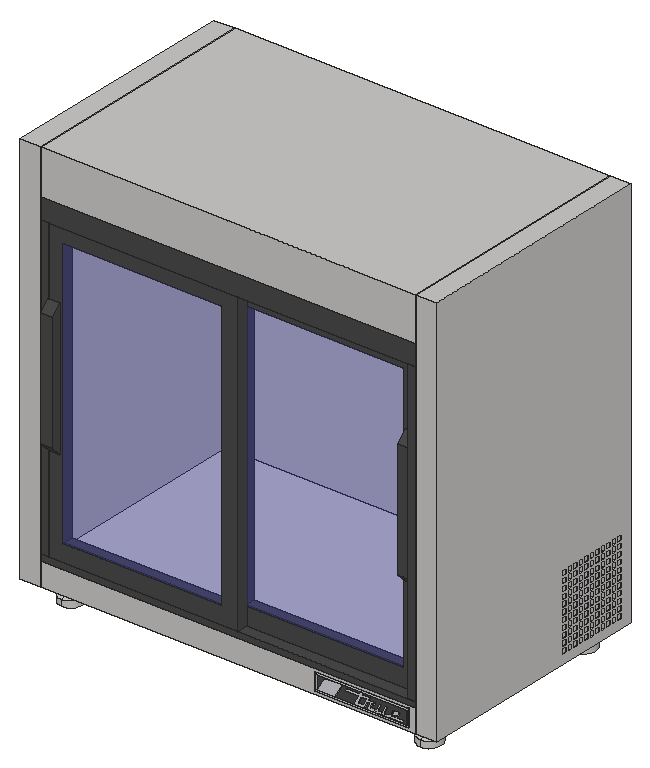
Revit family "QF_TRUE_TSD-09G-HC-LD_cat", category Specialty Equipment, Revit 2016
Family settings
  Part Type = Normal
  Round Connector Dimension = Use Diameter
  Work Plane-Based = No
  Always vertical = Yes
  Cut with Voids When Loaded = No
  Shared = No
  Room Calculation Point = No
Parameters
  Weight in Pounds = 280
  Watts = if(Phase = 3, Volts * FL Amps * 1.73, Volts * FL Amps)  # 218.5 W
  Volts = 115 V
  URL Cutsheet = ""
  Specification by User = ""
  Specification by Manufacturer = ""
  Show Logo [instance] = yes
  Serial Number = ""
  Seismic Rating = ""
  SMACNA No = ""
  Revision Code = ""
  Phase = 1
  Number of Poles = 1
  NAFEM Spec ID Number = ""
  Model = "TSD-09G-HC-LD"
  Min Ckt Ampacity = 0 A
  Max Overcurrent Protection = 0 A
  Masterspec = ""
  Manufacturer = "TRUE"
  Length = 35 31/32"
  Item Number = ""
  Installed By = ""
  Identify Quantity as Lot = yes
  Height = 35 7/8"
  HP = ""
  Furnished By = ""
  Foodservice Equipment Identifier = yes
  FL Amps = 1.9 A
  Electrical Remarks = ""
  Electric Connection Type = ""
  Elec Conn RI Height = 0"
  Elec Conn Connection Height = 0"
  Description = "REACH-IN GLASS SLIDE DOOR REFRIGERATOR WITH HYDROCARBON REFRIGERANT & LED LIGHTING"
  Depth = 22 3/16"
  Cycle = 60 Hz
  Conn Plug = "NEMA 5-15P"
  Conn Conduit = yes
  CSI MasterFormat = ""
  Apparent Power = if(Phase = 3, Volts * FL Amps * 1.73, Volts * FL Amps)  # 218.5 VA
Reference planes (in)
  plane 1 "BACK": y = 0
  plane 2: z = 0
  plane 3 "LEFT": x = 0
  plane 4 "RIGHT": x = 35.96875
  plane 5 "FRONT": y = -22.1875
  plane 6 "TOP": z = 35.875
  plane 7 "Center Y": x = 17.98438
  plane 8 "Center X": y = -11.09375
  plane 9: z = 1.1875
  plane 10: y = -21.375
  plane 11: y = -0.4375
  plane 12: y = -2.31265
Forms (in)
  Extrusion 1, solid, material "QF_Metal - Stainless - Polished"
    sketch origin (-2.96795, -0.4375, 48) x (-1, 0, 0) y (0, 0, -1)
      loop
        line (-2.96795, 12.125) -> (-2.96795, 46.125) -> (-4.71795, 46.125) -> (-4.71795, 12.125) -> (-2.96795, 12.125)
      loop
        line (-38.9367, 12.125) -> (-37.1867, 12.125) -> (-37.1867, 46.125) -> (-38.9367, 46.125) -> (-38.9367, 12.125)
    from 0 to 20.9375
  Extrusion 2, solid, material "QF_Metal - Stainless - Polished"
    sketch origin (-2.96795, -0.4375, 48) x (-1, 0, 0) y (0, 0, -1)
      loop
        line (-4.71795, 44.125) -> (-4.71795, 46.125) -> (-37.1867, 46.125) -> (-37.1867, 44.125) -> (-4.71795, 44.125)
      loop
        line (-4.71795, 12.125) -> (-4.71795, 15.97838) -> (-37.1867, 15.97838) -> (-37.1867, 12.125) -> (-4.71795, 12.125)
    from 0 to 20.9375
  Extrusion 3, solid, material "QF_Plastic - Black - Coarse Textured"
    sketch origin (-2.96795, -21.375, 48) x (-1, 0, 0) y (0, 0, -1)
      loop
        line (-4.71795, 15.97838) -> (-4.71795, 17.72838) -> (-37.1867, 17.72838) -> (-37.1867, 15.97838) -> (-4.71795, 15.97838)
    from 0 to -2
  Extrusion 4, solid, material "QF_Metal - Stainless - Polished"
    sketch origin (-2.96795, -0.4375, 48) x (1, 0, 0) y (0, 0, -1)
      loop
        line (37.1867, 15.97838) -> (37.1867, 44.125) -> (4.71795, 44.125) -> (4.71795, 15.97838) -> (37.1867, 15.97838)
    from 0 to -1
  Extrusion 5, solid, material "QF_Plastic - Black - Coarse Textured"
    sketch origin (-2.96795, -21.375, 48) x (-1, 0, 0) y (0, 0, -1)
      loop
        line (-4.71795, 15.97838) -> (-4.71795, 17.72838) -> (-37.1867, 17.72838) -> (-37.1867, 15.97838) -> (-4.71795, 15.97838)
      loop
        line (-4.71795, 44.125) -> (-37.1867, 44.125) -> (-37.1867, 43.625) -> (-4.71795, 43.625) -> (-4.71795, 44.125)
    from 0 to -2
  Extrusion 6, solid, material "QF_Plastic - Black - Coarse Textured"
    sketch origin (-2.96795, -21.375, 48) x (-1, 0, 0) y (0, 0, -1)
      loop
        line (-36.47632, 43.625) -> (-37.1867, 43.625) -> (-37.1867, 17.72838) -> (-36.47632, 17.72838) -> (-36.47632, 43.625)
      loop
        line (-5.42834, 43.625) -> (-5.42834, 17.72838) -> (-4.71795, 17.72838) -> (-4.71795, 43.625) -> (-5.42834, 43.625)
    from 0 to -0.25
  Extrusion 7, solid, material "QF_Plastic - Black - Coarse Textured"
    sketch origin (-2.96795, -21.375, 48) x (-1, 0, 0) y (0, 0, -1)
      loop
        line (-5.42834, 17.72838) -> (-5.42834, 43.625) -> (-21.75499, 43.625) -> (-21.75499, 17.72838) -> (-5.42834, 17.72838)
      loop
        line (-6.60974, 18.88557) -> (-6.60974, 42.13557) -> (-20.35974, 42.13557) -> (-20.35974, 18.88557) -> (-6.60974, 18.88557)
    from 0 to -1
  Extrusion 8, solid, material "QF_Plastic - Black - Coarse Textured"
    sketch origin (-2.96795, -20.375, 48) x (1, 0, 0) y (0, 0, -1)
      loop
        line (36.47632, 17.72838) -> (36.47632, 43.625) -> (20.14966, 43.625) -> (20.14966, 17.72838) -> (36.47632, 17.72838)
      loop
        line (35.29492, 18.88557) -> (35.29492, 42.13557) -> (21.54492, 42.13557) -> (21.54492, 18.88557) -> (35.29492, 18.88557)
    from 0 to 1
  Extrusion 9, solid, material "Glass"
    sketch origin (-2.96795, -21.375, 48) x (-1, 0, 0) y (0, 0, -1)
      loop
        line (-6.60974, 42.13557) -> (-20.35974, 42.13557) -> (-20.35974, 18.88557) -> (-6.60974, 18.88557) -> (-6.60974, 42.13557)
    from 0 to -0.125
  Extrusion 10, solid, material "Glass"
    sketch origin (-2.96795, -20.375, 48) x (-1, 0, 0) y (0, 0, -1)
      loop
        line (-35.29492, 18.88557) -> (-21.54492, 18.88557) -> (-21.54492, 42.13557) -> (-35.29492, 42.13557) -> (-35.29492, 18.88557)
    from 0 to -0.125
  Extrusion 11, solid, material "QF_Metal - Stainless - Polished"
    sketch origin (-2.96795, -0.4375, 48) x (-1, 0, 0) y (0, 0, -1)
      loop
        line (-38.0617, 46.125) -> (-3.84295, 46.125) -> (-3.84295, 46.8125) -> (-38.0617, 46.8125) -> (-38.0617, 46.125)
    from 0 to 8.46816
  Extrusion 12, solid, material "QF_Metal - Stainless - Polished"
    sketch origin (0, 0, 0) x (0, 1, 0) y (0, 0, 1)
      loop
        line (0, 1.1875) -> (0, 14.8031) -> (-0.4375, 14.8031) -> (-0.4375, 1.1875) -> (0, 1.1875)
    from 0.96875 to 35
  Extrusion 13, solid, material "QF_Plastic - Black - Coarse Textured"
    sketch origin (2.46038, -21.375, 30.02162) x (0, 0, 1) y (0, 1, 0)
      loop
        line (-6.40719, -0.8125) -> (-5.59469, 0) -> (-17.34469, 0) -> (-16.53219, -0.8125) -> (-6.40719, -0.8125)
    from 0 to -1
  Extrusion 14, void
    sketch origin (35.96875, -0.4375, 33.875) x (0, 0, -1) y (0, -1, 0)
      loop
        line (24.69818, 7.41068) -> (24.69818, 6.91068) -> (25.19818, 6.91068) -> (25.19818, 7.41068) -> (24.69818, 7.41068)
      loop
        line (24.69818, 6.81533) -> (24.69818, 6.31533) -> (25.19818, 6.31533) -> (25.19818, 6.81533) -> (24.69818, 6.81533)
      loop
        line (24.69818, 6.21998) -> (24.69818, 5.71998) -> (25.19818, 5.71998) -> (25.19818, 6.21998) -> (24.69818, 6.21998)
      loop
        line (24.69818, 5.62463) -> (24.69818, 5.12463) -> (25.19818, 5.12463) -> (25.19818, 5.62463) -> (24.69818, 5.62463)
      loop
        line (24.69818, 5.02927) -> (24.69818, 4.52927) -> (25.19818, 4.52927) -> (25.19818, 5.02927) -> (24.69818, 5.02927)
      loop
        line (24.69818, 4.43392) -> (24.69818, 3.93392) -> (25.19818, 3.93392) -> (25.19818, 4.43392) -> (24.69818, 4.43392)
      loop
        line (24.69818, 3.83857) -> (24.69818, 3.33857) -> (25.19818, 3.33857) -> (25.19818, 3.83857) -> (24.69818, 3.83857)
      loop
        line (24.69818, 3.24322) -> (24.69818, 2.74322) -> (25.19818, 2.74322) -> (25.19818, 3.24322) -> (24.69818, 3.24322)
      loop
        line (24.69818, 2.64786) -> (24.69818, 2.14786) -> (25.19818, 2.14786) -> (25.19818, 2.64786) -> (24.69818, 2.64786)
      loop
        line (24.69818, 2.05251) -> (24.69818, 1.55251) -> (25.19818, 1.55251) -> (25.19818, 2.05251) -> (24.69818, 2.05251)
      loop
        line (24.69818, 1.45716) -> (24.69818, 0.95716) -> (25.19818, 0.95716) -> (25.19818, 1.45716) -> (24.69818, 1.45716)
      loop
        line (25.29957, 7.41068) -> (25.29957, 6.91068) -> (25.79957, 6.91068) -> (25.79957, 7.41068) -> (25.29957, 7.41068)
      loop
        line (25.29957, 6.81533) -> (25.29957, 6.31533) -> (25.79957, 6.31533) -> (25.79957, 6.81533) -> (25.29957, 6.81533)
      loop
        line (25.29957, 6.21998) -> (25.29957, 5.71998) -> (25.79957, 5.71998) -> (25.79957, 6.21998) -> (25.29957, 6.21998)
      loop
        line (25.29957, 5.62463) -> (25.29957, 5.12463) -> (25.79957, 5.12463) -> (25.79957, 5.62463) -> (25.29957, 5.62463)
      loop
        line (25.29957, 5.02927) -> (25.29957, 4.52927) -> (25.79957, 4.52927) -> (25.79957, 5.02927) -> (25.29957, 5.02927)
      loop
        line (25.29957, 4.43392) -> (25.29957, 3.93392) -> (25.79957, 3.93392) -> (25.79957, 4.43392) -> (25.29957, 4.43392)
      loop
        line (25.29957, 3.83857) -> (25.29957, 3.33857) -> (25.79957, 3.33857) -> (25.79957, 3.83857) -> (25.29957, 3.83857)
      loop
        line (25.29957, 3.24322) -> (25.29957, 2.74322) -> (25.79957, 2.74322) -> (25.79957, 3.24322) -> (25.29957, 3.24322)
      loop
        line (25.29957, 2.64786) -> (25.29957, 2.14786) -> (25.79957, 2.14786) -> (25.79957, 2.64786) -> (25.29957, 2.64786)
      loop
        line (25.29957, 2.05251) -> (25.29957, 1.55251) -> (25.79957, 1.55251) -> (25.79957, 2.05251) -> (25.29957, 2.05251)
      loop
        line (25.29957, 1.45716) -> (25.29957, 0.95716) -> (25.79957, 0.95716) -> (25.79957, 1.45716) -> (25.29957, 1.45716)
      loop
        line (25.93752, 7.41068) -> (25.93752, 6.91068) -> (26.43752, 6.91068) -> (26.43752, 7.41068) -> (25.93752, 7.41068)
      loop
        line (25.93752, 6.81533) -> (25.93752, 6.31533) -> (26.43752, 6.31533) -> (26.43752, 6.81533) -> (25.93752, 6.81533)
      loop
        line (25.93752, 6.21998) -> (25.93752, 5.71998) -> (26.43752, 5.71998) -> (26.43752, 6.21998) -> (25.93752, 6.21998)
      loop
        line (25.93752, 5.62463) -> (25.93752, 5.12463) -> (26.43752, 5.12463) -> (26.43752, 5.62463) -> (25.93752, 5.62463)
      loop
        line (25.93752, 5.02927) -> (25.93752, 4.52927) -> (26.43752, 4.52927) -> (26.43752, 5.02927) -> (25.93752, 5.02927)
      loop
        line (25.93752, 4.43392) -> (25.93752, 3.93392) -> (26.43752, 3.93392) -> (26.43752, 4.43392) -> (25.93752, 4.43392)
      loop
        line (25.93752, 3.83857) -> (25.93752, 3.33857) -> (26.43752, 3.33857) -> (26.43752, 3.83857) -> (25.93752, 3.83857)
      loop
        line (25.93752, 3.24322) -> (25.93752, 2.74322) -> (26.43752, 2.74322) -> (26.43752, 3.24322) -> (25.93752, 3.24322)
      loop
        line (25.93752, 2.64786) -> (25.93752, 2.14786) -> (26.43752, 2.14786) -> (26.43752, 2.64786) -> (25.93752, 2.64786)
      loop
        line (25.93752, 2.05251) -> (25.93752, 1.55251) -> (26.43752, 1.55251) -> (26.43752, 2.05251) -> (25.93752, 2.05251)
      loop
        line (25.93752, 1.45716) -> (25.93752, 0.95716) -> (26.43752, 0.95716) -> (26.43752, 1.45716) -> (25.93752, 1.45716)
      loop
        line (26.53891, 7.41068) -> (26.53891, 6.91068) -> (27.03891, 6.91068) -> (27.03891, 7.41068) -> (26.53891, 7.41068)
      loop
        line (26.53891, 6.81533) -> (26.53891, 6.31533) -> (27.03891, 6.31533) -> (27.03891, 6.81533) -> (26.53891, 6.81533)
      loop
        line (26.53891, 6.21998) -> (26.53891, 5.71998) -> (27.03891, 5.71998) -> (27.03891, 6.21998) -> (26.53891, 6.21998)
      loop
        line (26.53891, 5.62463) -> (26.53891, 5.12463) -> (27.03891, 5.12463) -> (27.03891, 5.62463) -> (26.53891, 5.62463)
      loop
        line (26.53891, 5.02927) -> (26.53891, 4.52927) -> (27.03891, 4.52927) -> (27.03891, 5.02927) -> (26.53891, 5.02927)
      loop
        line (26.53891, 4.43392) -> (26.53891, 3.93392) -> (27.03891, 3.93392) -> (27.03891, 4.43392) -> (26.53891, 4.43392)
      loop
        line (26.53891, 3.83857) -> (26.53891, 3.33857) -> (27.03891, 3.33857) -> (27.03891, 3.83857) -> (26.53891, 3.83857)
      loop
        line (26.53891, 3.24322) -> (26.53891, 2.74322) -> (27.03891, 2.74322) -> (27.03891, 3.24322) -> (26.53891, 3.24322)
      loop
        line (26.53891, 2.64786) -> (26.53891, 2.14786) -> (27.03891, 2.14786) -> (27.03891, 2.64786) -> (26.53891, 2.64786)
      loop
        line (26.53891, 2.05251) -> (26.53891, 1.55251) -> (27.03891, 1.55251) -> (27.03891, 2.05251) -> (26.53891, 2.05251)
      loop
        line (26.53891, 1.45716) -> (26.53891, 0.95716) -> (27.03891, 0.95716) -> (27.03891, 1.45716) -> (26.53891, 1.45716)
      loop
        line (27.1403, 7.41068) -> (27.1403, 6.91068) -> (27.6403, 6.91068) -> (27.6403, 7.41068) -> (27.1403, 7.41068)
      loop
        line (27.1403, 6.81533) -> (27.1403, 6.31533) -> (27.6403, 6.31533) -> (27.6403, 6.81533) -> (27.1403, 6.81533)
      loop
        line (27.1403, 6.21998) -> (27.1403, 5.71998) -> (27.6403, 5.71998) -> (27.6403, 6.21998) -> (27.1403, 6.21998)
      loop
        line (27.1403, 5.62463) -> (27.1403, 5.12463) -> (27.6403, 5.12463) -> (27.6403, 5.62463) -> (27.1403, 5.62463)
      loop
        line (27.1403, 5.02927) -> (27.1403, 4.52927) -> (27.6403, 4.52927) -> (27.6403, 5.02927) -> (27.1403, 5.02927)
      loop
        line (27.1403, 4.43392) -> (27.1403, 3.93392) -> (27.6403, 3.93392) -> (27.6403, 4.43392) -> (27.1403, 4.43392)
      loop
        line (27.1403, 3.83857) -> (27.1403, 3.33857) -> (27.6403, 3.33857) -> (27.6403, 3.83857) -> (27.1403, 3.83857)
      loop
        line (27.1403, 3.24322) -> (27.1403, 2.74322) -> (27.6403, 2.74322) -> (27.6403, 3.24322) -> (27.1403, 3.24322)
      loop
        line (27.1403, 2.64786) -> (27.1403, 2.14786) -> (27.6403, 2.14786) -> (27.6403, 2.64786) -> (27.1403, 2.64786)
      loop
        line (27.1403, 2.05251) -> (27.1403, 1.55251) -> (27.6403, 1.55251) -> (27.6403, 2.05251) -> (27.1403, 2.05251)
      loop
        line (27.1403, 1.45716) -> (27.1403, 0.95716) -> (27.6403, 0.95716) -> (27.6403, 1.45716) -> (27.1403, 1.45716)
      loop
        line (27.7417, 7.41068) -> (27.7417, 6.91068) -> (28.2417, 6.91068) -> (28.2417, 7.41068) -> (27.7417, 7.41068)
      loop
        line (27.7417, 6.81533) -> (27.7417, 6.31533) -> (28.2417, 6.31533) -> (28.2417, 6.81533) -> (27.7417, 6.81533)
      loop
        line (27.7417, 6.21998) -> (27.7417, 5.71998) -> (28.2417, 5.71998) -> (28.2417, 6.21998) -> (27.7417, 6.21998)
      loop
        line (27.7417, 5.62463) -> (27.7417, 5.12463) -> (28.2417, 5.12463) -> (28.2417, 5.62463) -> (27.7417, 5.62463)
      loop
        line (27.7417, 5.02927) -> (27.7417, 4.52927) -> (28.2417, 4.52927) -> (28.2417, 5.02927) -> (27.7417, 5.02927)
      loop
        line (27.7417, 4.43392) -> (27.7417, 3.93392) -> (28.2417, 3.93392) -> (28.2417, 4.43392) -> (27.7417, 4.43392)
      loop
        line (27.7417, 3.83857) -> (27.7417, 3.33857) -> (28.2417, 3.33857) -> (28.2417, 3.83857) -> (27.7417, 3.83857)
      loop
        line (27.7417, 3.24322) -> (27.7417, 2.74322) -> (28.2417, 2.74322) -> (28.2417, 3.24322) -> (27.7417, 3.24322)
      loop
        line (27.7417, 2.64786) -> (27.7417, 2.14786) -> (28.2417, 2.14786) -> (28.2417, 2.64786) -> (27.7417, 2.64786)
      loop
        line (27.7417, 2.05251) -> (27.7417, 1.55251) -> (28.2417, 1.55251) -> (28.2417, 2.05251) -> (27.7417, 2.05251)
      loop
        line (27.7417, 1.45716) -> (27.7417, 0.95716) -> (28.2417, 0.95716) -> (28.2417, 1.45716) -> (27.7417, 1.45716)
      loop
        line (28.34309, 7.41068) -> (28.34309, 6.91068) -> (28.84309, 6.91068) -> (28.84309, 7.41068) -> (28.34309, 7.41068)
      loop
        line (28.34309, 6.81533) -> (28.34309, 6.31533) -> (28.84309, 6.31533) -> (28.84309, 6.81533) -> (28.34309, 6.81533)
      loop
        line (28.34309, 6.21998) -> (28.34309, 5.71998) -> (28.84309, 5.71998) -> (28.84309, 6.21998) -> (28.34309, 6.21998)
      loop
        line (28.34309, 5.62463) -> (28.34309, 5.12463) -> (28.84309, 5.12463) -> (28.84309, 5.62463) -> (28.34309, 5.62463)
      loop
        line (28.34309, 5.02927) -> (28.34309, 4.52927) -> (28.84309, 4.52927) -> (28.84309, 5.02927) -> (28.34309, 5.02927)
      loop
        line (28.34309, 4.43392) -> (28.34309, 3.93392) -> (28.84309, 3.93392) -> (28.84309, 4.43392) -> (28.34309, 4.43392)
      loop
        line (28.34309, 3.83857) -> (28.34309, 3.33857) -> (28.84309, 3.33857) -> (28.84309, 3.83857) -> (28.34309, 3.83857)
      loop
        line (28.34309, 3.24322) -> (28.34309, 2.74322) -> (28.84309, 2.74322) -> (28.84309, 3.24322) -> (28.34309, 3.24322)
      loop
        line (28.34309, 2.64786) -> (28.34309, 2.14786) -> (28.84309, 2.14786) -> (28.84309, 2.64786) -> (28.34309, 2.64786)
      loop
        line (28.34309, 2.05251) -> (28.34309, 1.55251) -> (28.84309, 1.55251) -> (28.84309, 2.05251) -> (28.34309, 2.05251)
      loop
        line (28.34309, 1.45716) -> (28.34309, 0.95716) -> (28.84309, 0.95716) -> (28.84309, 1.45716) -> (28.34309, 1.45716)
      loop
        line (28.94448, 7.41068) -> (28.94448, 6.91068) -> (29.44448, 6.91068) -> (29.44448, 7.41068) -> (28.94448, 7.41068)
      loop
        line (28.94448, 6.81533) -> (28.94448, 6.31533) -> (29.44448, 6.31533) -> (29.44448, 6.81533) -> (28.94448, 6.81533)
      loop
        line (28.94448, 6.21998) -> (28.94448, 5.71998) -> (29.44448, 5.71998) -> (29.44448, 6.21998) -> (28.94448, 6.21998)
      loop
        line (28.94448, 5.62463) -> (28.94448, 5.12463) -> (29.44448, 5.12463) -> (29.44448, 5.62463) -> (28.94448, 5.62463)
      loop
        line (28.94448, 5.02927) -> (28.94448, 4.52927) -> (29.44448, 4.52927) -> (29.44448, 5.02927) -> (28.94448, 5.02927)
      loop
        line (28.94448, 4.43392) -> (28.94448, 3.93392) -> (29.44448, 3.93392) -> (29.44448, 4.43392) -> (28.94448, 4.43392)
      loop
        line (28.94448, 3.83857) -> (28.94448, 3.33857) -> (29.44448, 3.33857) -> (29.44448, 3.83857) -> (28.94448, 3.83857)
      loop
        line (28.94448, 3.24322) -> (28.94448, 2.74322) -> (29.44448, 2.74322) -> (29.44448, 3.24322) -> (28.94448, 3.24322)
      loop
        line (28.94448, 2.64786) -> (28.94448, 2.14786) -> (29.44448, 2.14786) -> (29.44448, 2.64786) -> (28.94448, 2.64786)
      loop
        line (28.94448, 2.05251) -> (28.94448, 1.55251) -> (29.44448, 1.55251) -> (29.44448, 2.05251) -> (28.94448, 2.05251)
      loop
        line (28.94448, 1.45716) -> (28.94448, 0.95716) -> (29.44448, 0.95716) -> (29.44448, 1.45716) -> (28.94448, 1.45716)
      loop
        line (29.54588, 7.41068) -> (29.54588, 6.91068) -> (30.04588, 6.91068) -> (30.04588, 7.41068) -> (29.54588, 7.41068)
      loop
        line (29.54588, 6.81533) -> (29.54588, 6.31533) -> (30.04588, 6.31533) -> (30.04588, 6.81533) -> (29.54588, 6.81533)
      loop
        line (29.54588, 6.21998) -> (29.54588, 5.71998) -> (30.04588, 5.71998) -> (30.04588, 6.21998) -> (29.54588, 6.21998)
      loop
        line (29.54588, 5.62463) -> (29.54588, 5.12463) -> (30.04588, 5.12463) -> (30.04588, 5.62463) -> (29.54588, 5.62463)
      loop
        line (29.54588, 5.02927) -> (29.54588, 4.52927) -> (30.04588, 4.52927) -> (30.04588, 5.02927) -> (29.54588, 5.02927)
      loop
        line (29.54588, 4.43392) -> (29.54588, 3.93392) -> (30.04588, 3.93392) -> (30.04588, 4.43392) -> (29.54588, 4.43392)
      loop
        line (29.54588, 3.83857) -> (29.54588, 3.33857) -> (30.04588, 3.33857) -> (30.04588, 3.83857) -> (29.54588, 3.83857)
      loop
        line (29.54588, 3.24322) -> (29.54588, 2.74322) -> (30.04588, 2.74322) -> (30.04588, 3.24322) -> (29.54588, 3.24322)
      loop
        line (29.54588, 2.64786) -> (29.54588, 2.14786) -> (30.04588, 2.14786) -> (30.04588, 2.64786) -> (29.54588, 2.64786)
      loop
        line (29.54588, 2.05251) -> (29.54588, 1.55251) -> (30.04588, 1.55251) -> (30.04588, 2.05251) -> (29.54588, 2.05251)
      loop
        line (29.54588, 1.45716) -> (29.54588, 0.95716) -> (30.04588, 0.95716) -> (30.04588, 1.45716) -> (29.54588, 1.45716)
      loop
        line (30.14727, 7.41068) -> (30.14727, 6.91068) -> (30.64727, 6.91068) -> (30.64727, 7.41068) -> (30.14727, 7.41068)
      loop
        line (30.14727, 6.81533) -> (30.14727, 6.31533) -> (30.64727, 6.31533) -> (30.64727, 6.81533) -> (30.14727, 6.81533)
      loop
        line (30.14727, 6.21998) -> (30.14727, 5.71998) -> (30.64727, 5.71998) -> (30.64727, 6.21998) -> (30.14727, 6.21998)
      loop
        line (30.14727, 5.62463) -> (30.14727, 5.12463) -> (30.64727, 5.12463) -> (30.64727, 5.62463) -> (30.14727, 5.62463)
      loop
        line (30.14727, 5.02927) -> (30.14727, 4.52927) -> (30.64727, 4.52927) -> (30.64727, 5.02927) -> (30.14727, 5.02927)
      loop
        line (30.14727, 4.43392) -> (30.14727, 3.93392) -> (30.64727, 3.93392) -> (30.64727, 4.43392) -> (30.14727, 4.43392)
      loop
        line (30.14727, 3.83857) -> (30.14727, 3.33857) -> (30.64727, 3.33857) -> (30.64727, 3.83857) -> (30.14727, 3.83857)
      loop
        line (30.14727, 3.24322) -> (30.14727, 2.74322) -> (30.64727, 2.74322) -> (30.64727, 3.24322) -> (30.14727, 3.24322)
      loop
        line (30.14727, 2.64786) -> (30.14727, 2.14786) -> (30.64727, 2.14786) -> (30.64727, 2.64786) -> (30.14727, 2.64786)
      loop
        line (30.14727, 2.05251) -> (30.14727, 1.55251) -> (30.64727, 1.55251) -> (30.64727, 2.05251) -> (30.14727, 2.05251)
      loop
        line (30.14727, 1.45716) -> (30.14727, 0.95716) -> (30.64727, 0.95716) -> (30.64727, 1.45716) -> (30.14727, 1.45716)
      loop
        line (30.74866, 7.41068) -> (30.74866, 6.91068) -> (31.24866, 6.91068) -> (31.24866, 7.41068) -> (30.74866, 7.41068)
      loop
        line (30.74866, 6.81533) -> (30.74866, 6.31533) -> (31.24866, 6.31533) -> (31.24866, 6.81533) -> (30.74866, 6.81533)
      loop
        line (30.74866, 6.21998) -> (30.74866, 5.71998) -> (31.24866, 5.71998) -> (31.24866, 6.21998) -> (30.74866, 6.21998)
      loop
        line (30.74866, 5.62463) -> (30.74866, 5.12463) -> (31.24866, 5.12463) -> (31.24866, 5.62463) -> (30.74866, 5.62463)
      loop
        line (30.74866, 5.02927) -> (30.74866, 4.52927) -> (31.24866, 4.52927) -> (31.24866, 5.02927) -> (30.74866, 5.02927)
      loop
        line (30.74866, 4.43392) -> (30.74866, 3.93392) -> (31.24866, 3.93392) -> (31.24866, 4.43392) -> (30.74866, 4.43392)
      loop
        line (30.74866, 3.83857) -> (30.74866, 3.33857) -> (31.24866, 3.33857) -> (31.24866, 3.83857) -> (30.74866, 3.83857)
      loop
        line (30.74866, 3.24322) -> (30.74866, 2.74322) -> (31.24866, 2.74322) -> (31.24866, 3.24322) -> (30.74866, 3.24322)
      loop
        line (30.74866, 2.64786) -> (30.74866, 2.14786) -> (31.24866, 2.14786) -> (31.24866, 2.64786) -> (30.74866, 2.64786)
      loop
        line (30.74866, 2.05251) -> (30.74866, 1.55251) -> (31.24866, 1.55251) -> (31.24866, 2.05251) -> (30.74866, 2.05251)
      loop
        line (30.74866, 1.45716) -> (30.74866, 0.95716) -> (31.24866, 0.95716) -> (31.24866, 1.45716) -> (30.74866, 1.45716)
    from 0 to 0.125
  Extrusion 15, solid, material "QF_Metal - Stainless - Polished"
    sketch origin (0, 0, 0) x (0, 1, 0) y (0, 0, 1)
      loop
        line (-20.625, 1.875) -> (-20.625, 1.6875) -> (-20, 1.6875) -> (-20, 1.1875) -> (-18, 1.1875) -> (-18, 1.6875) -> (-17.375, 1.6875) -> (-17.375, 1.875) -> (-20.625, 1.875)
    from 0.875 to 35.09375
  Revolve 16, solid, material "QF_Metal - Stainless - Polished"
    sketch origin (2.5, 0, 0) x (0, 1, 0) y (0, 0, 1)
      loop
        line (-19, 1.1875) -> (-19.25, 1.1875) -> (-19.25, 0.6875)
        arc (-19.25, 0.6875) -> (-19.63404, 0.62989) -> (-20, 0.5) r 2.02404
        line (-20, 0.5) -> (-20, 0) -> (-19, 0) -> (-19, 1.1875)
      axis (-19, 1.1875) -> (-19, 0)
    angle from 0 to 360
  Revolve 17, solid, material "QF_Metal - Stainless - Polished"
    sketch origin (33.46875, 0, 0) x (0, 1, 0) y (0, 0, -1)
      loop
        line (-19, -1.1875) -> (-19, 0) -> (-20, 0) -> (-20, -0.5)
        arc (-20, -0.5) -> (-19.63404, -0.62989) -> (-19.25, -0.6875) r 2.02404
        line (-19.25, -0.6875) -> (-19.25, -1.1875) -> (-19, -1.1875)
      axis (-19, -1.1875) -> (-19, 0)
    angle from 0 to 360
  Revolve 18, solid, material "QF_Metal - Stainless - Polished"
    sketch origin (2.5, 16.68735, 0) x (0, 1, 0) y (0, 0, 1)
      loop
        line (-19, 1.1875) -> (-19.25, 1.1875) -> (-19.25, 0.6875)
        arc (-19.25, 0.6875) -> (-19.63404, 0.62989) -> (-20, 0.5) r 2.02404
        line (-20, 0.5) -> (-20, 0) -> (-19, 0) -> (-19, 1.1875)
      axis (-19, 1.1875) -> (-19, 0)
    angle from 0 to 360
  Revolve 19, solid, material "QF_Metal - Stainless - Polished"
    sketch origin (33.46875, 16.68735, 0) x (0, 1, 0) y (0, 0, -1)
      loop
        line (-19, -1.1875) -> (-19, 0) -> (-20, 0) -> (-20, -0.5)
        arc (-20, -0.5) -> (-19.63404, -0.62989) -> (-19.25, -0.6875) r 2.02404
        line (-19.25, -0.6875) -> (-19.25, -1.1875) -> (-19, -1.1875)
      axis (-19, -1.1875) -> (-19, 0)
    angle from 0 to 360
  Extrusion 20, solid, material "QF_Plastic - Black - Coarse Textured"
    sketch origin (33.50837, -21.375, 30.02162) x (0, 0, 1) y (0, -1, 0)
      loop
        line (-6.40719, -0.1875) -> (-16.53219, -0.1875) -> (-17.34469, -1) -> (-5.59469, -1) -> (-6.40719, -0.1875)
    from 0 to -1
Cuts and joins
  Extrusion 14 cuts Extrusion 1
  Extrusion 14 cuts Extrusion 2
  Extrusion 14 cuts Extrusion 4
Lines and regions (in)
  symbolic lines
    curve 1: line (0, -0.4375, 0) -> (35.96875, -0.4375, 0)
    curve 2: line (0, -21.375, 0) -> (0, -0.4375, 0)
    curve 3: line (35.96875, -21.375, 0) -> (0, -21.375, 0)
    curve 4: line (35.96875, -0.4375, 0) -> (35.96875, -21.375, 0)
    curve 5: line (34.21875, -21.375, 0) -> (34.21875, -0.4375, 0)
    curve 6: line (1.75, -0.4375, 0) -> (1.75, -21.375, 0)
    curve 7: line (35, 0, 0) -> (0.96875, 0, 0)
    curve 8: line (0.96875, 0, 0) -> (0.96875, -0.4375, 0)
    curve 9: line (35, 0, 0) -> (35, -0.4375, 0)
    curve 10: line (3.46038, -22.1875, 0) -> (3.46038, -21.375, 0)
    curve 11: line (3.46038, -22.1875, 0) -> (2.46038, -22.1875, 0)
    curve 12: line (2.46038, -22.1875, 0) -> (2.46038, -21.375, 0)
Dimensions and locks (in)
  equal spacing: plane 3 "LEFT", plane 7 "Center Y", plane 4 "RIGHT"
  "Length": plane 3 "LEFT" to plane 4 "RIGHT"
  equal spacing: plane 5 "FRONT", plane 8 "Center X", plane 1 "BACK"
  "Depth": plane 5 "FRONT" to plane 1 "BACK"
  "Height": plane 6 "TOP" to level
  plane 9 to plane 2 = 1 3/16"
  plane 11 to plane 1 "BACK" = 7/16"
  plane 11 to plane 10 = 20 15/16"
  plane 10 to plane 5 "FRONT" = 13/16"
  aligned and locked: level to plane 2
Automatic sketch dimensions
  plane 4 "RIGHT" to Extrusion 1 sketch curve = 0"
  Extrusion 1 sketch curve to plane 6 "TOP" = 0"  (x2)
  Extrusion 1 sketch curve to plane 3 "LEFT" = 0"
  Extrusion 1 sketch curve to plane 9 = 11/16"  (x2)
  Extrusion 1 sketch curve to Extrusion 1 sketch curve = 1 3/4"
  Extrusion 1 sketch curve to plane 3 "LEFT" = 1 3/4"
  Extrusion 2 sketch curve to plane 6 "TOP" = 0"
  Extrusion 2 sketch curve to plane 4 "RIGHT" = 1 3/4"  (x2)
  Extrusion 2 sketch curve to plane 9 = 11/16"
  Extrusion 2 sketch curve to plane 3 "LEFT" = 1 3/4"  (x2)
  Extrusion 2 sketch curve to Extrusion 2 sketch curve = 2"
  plane 6 "TOP" to Extrusion 2 sketch curve = 3.85338"
  Extrusion 1 to Extrusion 3 sketch curve = 0"
  Extrusion 3 sketch curve to Extrusion 1 = 0"
  Extrusion 1 to Extrusion 3 sketch curve = 5.60338"
  Extrusion 3 sketch curve to Extrusion 3 sketch curve = 1 3/4"
  Extrusion 4 sketch curve to Extrusion 1 = 0"
  Extrusion 1 to Extrusion 4 sketch curve = 0"
  Extrusion 1 to Extrusion 4 sketch curve = 2"
  Extrusion 1 to Extrusion 4 sketch curve = 3.85338"
  Extrusion 1 to Extrusion 5 sketch curve = 0"  (x2)
  Extrusion 5 sketch curve to Extrusion 1 = 0"  (x2)
  Extrusion 1 to Extrusion 5 sketch curve = 2"
  Extrusion 5 sketch curve to Extrusion 5 sketch curve = 1/2"
  Extrusion 1 to Extrusion 5 sketch curve = 5.60338"
  Extrusion 5 sketch curve to Extrusion 5 sketch curve = 1 3/4"
  Extrusion 1 to Extrusion 6 sketch curve = 0"
  Extrusion 6 sketch curve to Extrusion 1 = 0"
  Extrusion 6 sketch curve to Extrusion 1 = 0.71038"
  Extrusion 6 sketch curve to Extrusion 6 sketch curve = 0.71038"
  Extrusion 1 to Extrusion 6 sketch curve = 2 1/2"  (x2)
  Extrusion 1 to Extrusion 6 sketch curve = 5.60338"  (x2)
  Extrusion 7 sketch curve to Extrusion 5 = 0"  (x2)
  Extrusion 5 to Extrusion 7 sketch curve = 15.43171"
  Extrusion 7 sketch curve to Extrusion 7 sketch curve = 1.39525"
  Extrusion 5 to Extrusion 7 sketch curve = 1.89179"
  Extrusion 5 to Extrusion 7 sketch curve = 0.71038"
  Extrusion 7 sketch curve to Extrusion 5 = 1.48943"
  Extrusion 7 sketch curve to Extrusion 5 = 1.15719"
  Extrusion 8 sketch curve to Extrusion 7 = 0"  (x4)
  Extrusion 8 sketch curve to Extrusion 7 = 0.21008"
  Extrusion 7 to Extrusion 8 sketch curve = 0.21008"
  Extrusion 8 sketch curve to Extrusion 7 = 13.53992"
  Extrusion 8 sketch curve to Extrusion 8 sketch curve = 1.1814"
  Extrusion 7 to Extrusion 9 sketch curve = 0"
  Extrusion 9 sketch curve to Extrusion 7 = 0"  (x3)
  Extrusion 8 to Extrusion 10 sketch curve = 0"
  Extrusion 10 sketch curve to Extrusion 8 = 0"  (x3)
  Extrusion 11 sketch curve to plane 9 = 0"
  Extrusion 11 sketch curve to plane 4 "RIGHT" = 7/8"
  Extrusion 11 sketch curve to plane 3 "LEFT" = 7/8"
  Extrusion 11 sketch curve to Extrusion 11 sketch curve = 11/16"
  Extrusion 12 sketch curve to plane 9 = 0"
  Extrusion 12 sketch curve to plane 11 = 0"
  Extrusion 12 sketch curve to plane 1 "BACK" = 0"
  plane 9 to Extrusion 12 sketch curve = 13.6156"
  Extrusion 13 sketch curve to Extrusion 7 = 0"
  Extrusion 13 sketch curve to Extrusion 7 = 8.30193"
  Extrusion 13 sketch curve to Extrusion 13 sketch curve = 13/16"  (x2)
  Extrusion 13 sketch curve to Extrusion 7 = 13/16"
  Extrusion 7 to Extrusion 13 sketch curve = 6.65719"
  Extrusion 14 sketch curve to Extrusion 1 = 7.30182"
  Extrusion 14 sketch curve to Extrusion 1 = 1.45716"  (x2)
  Extrusion 14 sketch curve to Extrusion 14 sketch curve = 0"  (x277)
  Extrusion 14 sketch curve to Extrusion 14 sketch curve = 1/2"  (x74)
  Extrusion 14 sketch curve to Extrusion 14 sketch curve = 0.10139"  (x18)
  Extrusion 14 sketch curve to Extrusion 14 sketch curve = 0.13795"  (x2)
  Extrusion 14 sketch curve to Extrusion 14 sketch curve = 0.09535"  (x110)
  Extrusion 15 sketch curve to plane 9 = 0"
  plane 10 to Extrusion 15 sketch curve = 3/4"
  Extrusion 15 sketch curve to Extrusion 15 sketch curve = 5/8"  (x2)
  Extrusion 15 sketch curve to Extrusion 15 sketch curve = 2"
  plane 9 to Extrusion 15 sketch curve = 1/2"  (x2)
  Extrusion 15 sketch curve to Extrusion 15 sketch curve = 3/16"
  Revolve 16 sketch curve to level = 0"
  Revolve 16 sketch curve to plane 9 = 0"
  level to Revolve 16 sketch curve = 1/2"
  plane 10 to Revolve 16 sketch curve = 1 3/8"
  Revolve 16 sketch curve to Revolve 16 sketch curve = 3/4"
  Revolve 16 sketch curve to Revolve 16 sketch curve = 0.85687"
  Revolve 16 sketch curve to Revolve 16 sketch curve = 1/4"  (x2)
  Revolve 16 sketch curve to level = 1.33372"
  Revolve 16 sketch curve to Revolve 16 sketch curve = 0"
  Revolve 16 sketch curve to Revolve 16 sketch curve = 0.1533"
  Revolve 17 sketch curve to level = 0"
  Revolve 17 sketch curve to plane 9 = 0"
  level to Revolve 17 sketch curve = 1/2"
  plane 10 to Revolve 17 sketch curve = 1 3/8"
  Revolve 17 sketch curve to Revolve 17 sketch curve = 3/4"
  Revolve 17 sketch curve to Revolve 17 sketch curve = 0.85687"
  Revolve 17 sketch curve to Revolve 17 sketch curve = 1/4"  (x2)
  Revolve 17 sketch curve to Revolve 17 sketch curve = 1/2"
  Revolve 17 sketch curve to Revolve 17 sketch curve = 0"
  Revolve 17 sketch curve to Revolve 17 sketch curve = 0.1533"
  Revolve 18 sketch curve to level = 0"
  Revolve 18 sketch curve to plane 9 = 0"
  Revolve 18 sketch curve to plane 12 = 0"  (x2)
  Revolve 18 sketch curve to plane 12 = 0.14313"
  Revolve 18 sketch curve to plane 12 = 1/4"
  Revolve 18 sketch curve to plane 12 = 1"
  Revolve 18 sketch curve to level = 1.33372"
  level to Revolve 18 sketch curve = 1/2"
  Revolve 18 sketch curve to Revolve 18 sketch curve = 0.1533"
  Revolve 18 sketch curve to Revolve 18 sketch curve = 1/4"
  Revolve 19 sketch curve to level = 0"
  Revolve 19 sketch curve to plane 9 = 0"
  Revolve 19 sketch curve to plane 12 = 0"  (x2)
  Revolve 19 sketch curve to plane 12 = 0.14313"
  Revolve 19 sketch curve to plane 12 = 1/4"
  Revolve 19 sketch curve to plane 12 = 1"
  Revolve 19 sketch curve to plane 9 = 1/2"
  level to Revolve 19 sketch curve = 1/2"
  Revolve 19 sketch curve to Revolve 19 sketch curve = 0.1533"
  Revolve 19 sketch curve to Revolve 19 sketch curve = 1/4"
  plane 10 to Extrusion 20 sketch curve = 1"
  plane 9 to Extrusion 20 sketch curve = 11.48943"
  plane 10 to Extrusion 20 sketch curve = 3/16"
  Extrusion 20 sketch curve to Extrusion 20 sketch curve = 13/16"  (x2)
  Extrusion 20 sketch curve to Extrusion 20 sketch curve = 10 1/8"
  curve 3 to plane 3 "LEFT" = 0"
  plane 1 "BACK" to curve 8 = 0"
  plane 11 to curve 8 = 0"
  curve 12 to plane 10 = 0"
  plane 5 "FRONT" to curve 11 = 0"
  curve 3 to plane 4 "RIGHT" = 0"
  plane 3 "LEFT" to curve 8 = 31/32"
  plane 3 "LEFT" to curve 11 = 3.46038"
  plane 4 "RIGHT" to curve 9 = 31/32"
  curve 8 to curve 6 = 25/32"
  curve 6 to curve 12 = 0.71038"
  plane 4 "RIGHT" to curve 5 = 1 3/4"
Nested families (in)
  nested 1: "QF_LOGO_TRUE" at (25.49375, -21.375, 2.12233), visible <- "Show Logo", type "QF_LOGO_TRUE", detail levels medium+fine
    with Show Logo yes
Connectors (in)
  electrical at (17.98438, 0, 7.9953), driven by "Volts", driven by "Watts"
    settings: on Extrusion 12, index 1, voltage 115 V, apparent load 218.5 VA, apparent load phase1 0 VA, apparent load phase2 0 VA, apparent load phase3 0 VA, power factor 1, load classification "Other", number of poles 1, system type 30, power factor state 1, is connector primary yes, connector utility no, sub classification motor no, connector description "ELECTRICAL CONNECTION"
Definition of nested family "QF_LOGO_TRUE"
  Parameters (values of type "QF_LOGO_TRUE")
    Show Logo [instance] = yes
  Reference planes (in)
    plane 1 "Center (Front/Back)": y = 0
    plane 2: z = 0
    plane 3 "Center (Left/Right)": x = 0
  Forms (in)
    Extrusion 1, solid, visible <- "Show Logo"
      sketch origin (-78.34647, 34.76905, -30.51001) x (1, 0, 0) y (0, 0, 1)
        loop
          line (81.15226, 31.65456) -> (81.07353, 31.48573) -> (82.12083, 31.48573)
          arc (82.12083, 31.48573) -> (82.14208, 31.44814) -> (82.12083, 31.41055) r 0.04386
          line (82.12083, 31.41055) -> (81.84767, 30.82478)
          arc (81.84767, 30.82478) -> (81.84531, 30.77052) -> (81.882, 30.73048) r 0.07096
          line (81.882, 30.73048) -> (82.55165, 30.73048)
          arc (82.55165, 30.73048) -> (82.63621, 30.75714) -> (82.69019, 30.82748) r 0.14742
          line (82.69019, 30.82748) -> (82.90515, 31.28847) -> (83.10265, 31.28847)
          arc (83.10265, 31.28847) -> (83.15447, 31.26942) -> (83.14697, 31.21472) r 0.04405
          line (83.14697, 31.21472) -> (82.9671, 30.82899)
          arc (82.9671, 30.82899) -> (82.9699, 30.76493) -> (83.02398, 30.73048) r 0.06943
          line (83.02398, 30.73048) -> (83.6124, 30.73048)
          arc (83.6124, 30.73048) -> (83.65748, 30.74689) -> (83.68147, 30.78844) r 0.07014
          arc (83.68147, 30.78844) -> (83.69845, 30.74745) -> (83.73943, 30.73048) r 0.05796
          line (83.73943, 30.73048) -> (84.112, 30.73048)
          arc (84.112, 30.73048) -> (84.15504, 30.74201) -> (84.18655, 30.77352) r 0.08608
          arc (84.18655, 30.77352) -> (84.20164, 30.7371) -> (84.23806, 30.72202) r 0.0515
          line (84.23806, 30.72202) -> (84.76757, 30.72202)
          arc (84.76757, 30.72202) -> (84.81086, 30.73995) -> (84.8288, 30.78324) r 0.06122
          arc (84.8288, 30.78324) -> (84.86848, 30.74355) -> (84.92269, 30.72903) r 0.10842
          line (84.92269, 30.72903) -> (85.91461, 30.72903) -> (86.02479, 30.91987) -> (85.0243, 30.91987)
          arc (85.0243, 30.91987) -> (84.99669, 30.93902) -> (84.99566, 30.97261) r 0.03732
          line (84.99566, 30.97261) -> (85.01297, 31.00972)
          arc (85.01297, 31.00972) -> (85.03954, 31.04453) -> (85.0813, 31.05774) r 0.07263
          line (85.0813, 31.05774) -> (85.40289, 31.05774)
          arc (85.40289, 31.05774) -> (85.4723, 31.07633) -> (85.52311, 31.12715) r 0.13882
          line (85.52311, 31.12715) -> (85.61625, 31.28847)
          arc (85.61625, 31.28847) -> (85.61625, 31.37458) -> (85.54168, 31.41763) r 0.08611
          line (85.54168, 31.41763) -> (85.20227, 31.41763)
          arc (85.20227, 31.41763) -> (85.11574, 31.40294) -> (85.05538, 31.33923) r 0.13863
          line (85.05538, 31.33923) -> (84.89409, 30.99333)
          arc (84.89409, 30.99333) -> (84.84649, 30.9313) -> (84.77191, 30.90778) r 0.13002
          line (84.77191, 30.90778) -> (84.41984, 30.90778)
          arc (84.41984, 30.90778) -> (84.3777, 30.95378) -> (84.38042, 31.0161) r 0.08151
          line (84.38042, 31.0161) -> (84.56766, 31.41763) -> (84.44849, 31.41763) -> (84.25012, 30.99222)
          arc (84.25012, 30.99222) -> (84.21158, 30.94199) -> (84.15119, 30.92296) r 0.10527
          line (84.15119, 30.92296) -> (83.90842, 30.92296)
          arc (83.90842, 30.92296) -> (83.8674, 30.97642) -> (83.87619, 31.04323) r 0.08805
          line (83.87619, 31.04323) -> (84.05078, 31.41763) -> (83.92772, 31.41763) -> (83.72676, 30.98668)
          arc (83.72676, 30.98668) -> (83.68011, 30.94003) -> (83.61639, 30.92296) r 0.12745
          line (83.61639, 30.92296) -> (83.26484, 30.92296)
          arc (83.26484, 30.92296) -> (83.2017, 30.9524) -> (83.19563, 31.0218) r 0.06967
          line (83.19563, 31.0218) -> (83.31118, 31.26961) -> (83.47452, 31.26961)
          arc (83.47452, 31.26961) -> (83.50209, 31.35268) -> (83.56075, 31.41763) r 0.21289
          line (83.56075, 31.41763) -> (82.92244, 31.41763)
          arc (82.92244, 31.41763) -> (82.85151, 31.40191) -> (82.80242, 31.34834) r 0.12081
          line (82.80242, 31.34834) -> (82.6294, 30.9773)
          arc (82.6294, 30.9773) -> (82.58962, 30.93752) -> (82.53528, 30.92296) r 0.10869
          line (82.53528, 30.92296) -> (82.1542, 30.92296)
          arc (82.1542, 30.92296) -> (82.12446, 30.96315) -> (82.13012, 31.01283) r 0.06822
          line (82.13012, 31.01283) -> (82.38156, 31.48573) -> (83.01596, 31.48573) -> (83.09469, 31.65456) -> (82.46029, 31.65456) -> (82.53902, 31.8234) -> (82.31334, 31.8234) -> (82.23461, 31.65456) -> (81.15226, 31.65456)
        loop
          arc (85.15937, 31.26434) -> (85.13191, 31.25698) -> (85.1118, 31.23688) r 0.05494
          line (85.1118, 31.23688) -> (85.09547, 31.18665)
          arc (85.09547, 31.18665) -> (85.10304, 31.16837) -> (85.12133, 31.16079) r 0.02586
          line (85.12133, 31.16079) -> (85.39889, 31.16079)
          arc (85.39889, 31.16079) -> (85.41888, 31.16523) -> (85.43513, 31.1777) r 0.04731
          line (85.43513, 31.1777) -> (85.44863, 31.2402)
          arc (85.44863, 31.2402) -> (85.44466, 31.25693) -> (85.42914, 31.26434) r 0.01994
          line (85.42914, 31.26434) -> (85.15937, 31.26434)
        loop
          line (78.62961, 30.74125) -> (80.12032, 30.74125) -> (80.73891, 31.81268) -> (79.2482, 31.81268) -> (78.62961, 30.74125)
      from 34.76797 to 34.83173
    Extrusion 2, solid, visible <- "Show Logo"
      sketch origin (-142.84857, 34.75108, -33.3546) x (1, 0, 0) y (0, 0, 1)
        loop
          line (150.81107, 34.71978) -> (142.98607, 34.71978) -> (142.98607, 33.4921) -> (150.81107, 33.4921) -> (150.81107, 34.71978)
      from 34.75108 to 34.78125
    Extrusion 3, solid, visible <- "Show Logo"
      sketch origin (-142.84857, 34.75108, -33.3546) x (1, 0, 0) y (0, 0, 1)
        loop
          line (150.94857, 34.85727) -> (142.84857, 34.85727) -> (142.84857, 33.3546) -> (150.94857, 33.3546) -> (150.94857, 34.85727)
        loop
          line (142.98607, 34.71978) -> (142.98607, 33.4921) -> (150.81107, 33.4921) -> (150.81107, 34.71978) -> (142.98607, 34.71978)
      from 34.75108 to 34.81376
    Extrusion 4, solid, not visible
      sketch origin (121.45701, -16.5, 4.98235) x (1, 0, 0) y (0, 0, 1)
        loop
          line (25.20115, 35.89949) -> (25.20115, 33.96647) -> (30.95381, 33.96647) -> (30.95381, 35.89949) -> (25.20115, 35.89949)
      from 31.5 to 31.54261
    Extrusion 5, solid, not visible
      sketch origin (121.45701, -16.5, 4.98235) x (1, 0, 0) y (0, 0, 1)
        loop
          line (26.7387, 34.95472) -> (26.61492, 34.49276) -> (27.038, 34.49276)
          arc (27.038, 34.49276) -> (27.13117, 34.52484) -> (27.18485, 34.60749) r 0.15134
          arc (27.18485, 34.60749) -> (27.20396, 34.68138) -> (27.22435, 34.75493) r 4.37326
          arc (27.22435, 34.75493) -> (27.23458, 34.81765) -> (27.22435, 34.88037) r 0.1974
          arc (27.22435, 34.88037) -> (27.18247, 34.93579) -> (27.11563, 34.95472) r 0.10914
          line (27.11563, 34.95472) -> (26.7387, 34.95472)
        loop
          line (26.90201, 34.80638) -> (26.84645, 34.59903) -> (26.92855, 34.59903)
          arc (26.92855, 34.59903) -> (26.98205, 34.6185) -> (27.01051, 34.6678) r 0.08322
          line (27.01051, 34.6678) -> (27.02399, 34.74424)
          arc (27.02399, 34.74424) -> (27.01491, 34.78454) -> (26.97985, 34.80638) r 0.05353
          line (26.97985, 34.80638) -> (26.90201, 34.80638)
        loop
          line (27.45336, 34.66131) -> (27.76233, 34.66131) -> (27.78859, 34.73909)
          arc (27.78859, 34.73909) -> (27.7878, 34.82039) -> (27.73107, 34.87864) r 0.10925
          arc (27.73107, 34.87864) -> (27.68233, 34.8944) -> (27.63139, 34.89974) r 0.24595
          line (27.63139, 34.89974) -> (27.46708, 34.89974)
          arc (27.46708, 34.89974) -> (27.4068, 34.88073) -> (27.3535, 34.84677) r 0.2421
          arc (27.3535, 34.84677) -> (27.2897, 34.76363) -> (27.26702, 34.66131) r 0.2421
          line (27.26702, 34.66131) -> (27.26702, 34.54477)
          arc (27.26702, 34.54477) -> (27.31618, 34.4956) -> (27.38334, 34.47761) r 0.13431
          line (27.38334, 34.47761) -> (27.59054, 34.47761)
          arc (27.59054, 34.47761) -> (27.63459, 34.48281) -> (27.67622, 34.49812) r 0.18924
          line (27.67622, 34.49812) -> (27.73102, 34.61563)
          arc (27.73102, 34.61563) -> (27.68453, 34.59565) -> (27.63566, 34.58252) r 0.35376
          arc (27.63566, 34.58252) -> (27.55885, 34.56956) -> (27.48204, 34.58252) r 0.23415
          arc (27.48204, 34.58252) -> (27.44492, 34.61362) -> (27.45336, 34.66131) r 0.04838
        loop
          line (27.4842, 34.73042) -> (27.62012, 34.73042) -> (27.62621, 34.76496)
          arc (27.62621, 34.76496) -> (27.58961, 34.80242) -> (27.53739, 34.80638) r 0.0742
          arc (27.53739, 34.80638) -> (27.49747, 34.77773) -> (27.4842, 34.73042) r 0.0742
        loop
          line (27.91616, 34.97572) -> (27.78675, 34.49276) -> (27.98645, 34.49276) -> (28.11586, 34.97572) -> (27.91616, 34.97572)
        loop
          line (28.13678, 34.66131) -> (28.08755, 34.47761) -> (28.27134, 34.47761) -> (28.32056, 34.66131) -> (28.43674, 34.66131) -> (28.47974, 34.78864) -> (28.36519, 34.78864)
          arc (28.36519, 34.78864) -> (28.35733, 34.81649) -> (28.36921, 34.84288) r 0.04231
          arc (28.36921, 34.84288) -> (28.431, 34.8652) -> (28.49617, 34.85686) r 0.13988
          line (28.49617, 34.85686) -> (28.53544, 34.97317)
          arc (28.53544, 34.97317) -> (28.39725, 34.99096) -> (28.25905, 34.97317) r 0.54546
          arc (28.25905, 34.97317) -> (28.20849, 34.91994) -> (28.18197, 34.85147) r 0.1894
          line (28.18197, 34.85147) -> (28.17089, 34.78864) -> (28.11397, 34.78864) -> (28.07985, 34.66131) -> (28.13678, 34.66131)
        loop
          arc (28.74846, 34.89756) -> (28.65884, 34.88533) -> (28.56922, 34.89756) r 0.33455
          line (28.56922, 34.89756) -> (28.45669, 34.47761) -> (28.63593, 34.47761) -> (28.74846, 34.89756)
        loop
          arc (28.60398, 35.01195) -> (28.57699, 34.97173) -> (28.60398, 34.9315) r 0.04347
          line (28.60398, 34.9315) -> (28.75755, 34.9315)
          arc (28.75755, 34.9315) -> (28.78645, 34.96687) -> (28.77911, 35.01195) r 0.0556
          line (28.77911, 35.01195) -> (28.60398, 35.01195)
        loop
          line (28.95336, 34.66131) -> (29.26233, 34.66131) -> (29.28859, 34.73909)
          arc (29.28859, 34.73909) -> (29.2878, 34.82039) -> (29.23107, 34.87864) r 0.10925
          arc (29.23107, 34.87864) -> (29.18233, 34.8944) -> (29.13139, 34.89974) r 0.24595
          line (29.13139, 34.89974) -> (28.96708, 34.89974)
          arc (28.96708, 34.89974) -> (28.9068, 34.88073) -> (28.8535, 34.84677) r 0.2421
          arc (28.8535, 34.84677) -> (28.7897, 34.76363) -> (28.76702, 34.66131) r 0.2421
          line (28.76702, 34.66131) -> (28.76702, 34.54477)
          arc (28.76702, 34.54477) -> (28.81618, 34.4956) -> (28.88334, 34.47761) r 0.13431
          line (28.88334, 34.47761) -> (29.09054, 34.47761)
          arc (29.09054, 34.47761) -> (29.13459, 34.48281) -> (29.17622, 34.49812) r 0.18924
          line (29.17622, 34.49812) -> (29.23102, 34.61563)
          arc (29.23102, 34.61563) -> (29.18453, 34.59565) -> (29.13566, 34.58252) r 0.35376
          arc (29.13566, 34.58252) -> (29.05885, 34.56956) -> (28.98204, 34.58252) r 0.23415
          arc (28.98204, 34.58252) -> (28.94492, 34.61362) -> (28.95336, 34.66131) r 0.04838
        loop
          line (28.9842, 34.73042) -> (29.12012, 34.73042) -> (29.12621, 34.76496)
          arc (29.12621, 34.76496) -> (29.08961, 34.80242) -> (29.03739, 34.80638) r 0.0742
          arc (29.03739, 34.80638) -> (28.99747, 34.77773) -> (28.9842, 34.73042) r 0.0742
        loop
          line (29.41616, 34.97572) -> (29.28675, 34.49276) -> (29.48645, 34.49276) -> (29.61586, 34.97572) -> (29.41616, 34.97572)
        loop
          line (29.99836, 34.97572) -> (29.95192, 34.80242)
          arc (29.95192, 34.80242) -> (29.94473, 34.85705) -> (29.90102, 34.89059) r 0.07199
          arc (29.90102, 34.89059) -> (29.80023, 34.89941) -> (29.70251, 34.87322) r 0.29131
          arc (29.70251, 34.87322) -> (29.61806, 34.7652) -> (29.5896, 34.63108) r 0.30433
          line (29.5896, 34.63108) -> (29.5896, 34.55572)
          arc (29.5896, 34.55572) -> (29.61075, 34.50463) -> (29.66184, 34.48348) r 0.07224
          line (29.66184, 34.48348) -> (29.78537, 34.48348)
          arc (29.78537, 34.48348) -> (29.83854, 34.51313) -> (29.88504, 34.55243) r 0.31609
          line (29.88504, 34.55243) -> (29.86905, 34.49276) -> (30.05973, 34.49276) -> (30.18914, 34.97572) -> (29.99836, 34.97572)
        loop
          arc (29.84537, 34.75931) -> (29.79424, 34.71128) -> (29.77745, 34.64317) r 0.12371
          arc (29.77745, 34.64317) -> (29.80071, 34.59901) -> (29.85056, 34.59647) r 0.05045
          arc (29.85056, 34.59647) -> (29.90141, 34.64047) -> (29.92536, 34.7033) r 0.13769
          arc (29.92536, 34.7033) -> (29.90211, 34.75521) -> (29.84537, 34.75931) r 0.05543
        loop
          line (26.45047, 35.26762) -> (26.58211, 35.26762)
          arc (26.58211, 35.26762) -> (26.60467, 35.30821) -> (26.62126, 35.35157) r 0.3277
          arc (26.62126, 35.35157) -> (26.62714, 35.39992) -> (26.60877, 35.44503) r 0.09693
          arc (26.60877, 35.44503) -> (26.56454, 35.48868) -> (26.50462, 35.50516) r 0.12312
          arc (26.50462, 35.50516) -> (26.44158, 35.50565) -> (26.37854, 35.50546) r 5.76967
          arc (26.37854, 35.50546) -> (26.07462, 35.42923) -> (25.81045, 35.26076) r 0.97743
          line (25.81045, 35.26076) -> (25.85921, 35.26076)
          arc (25.85921, 35.26076) -> (26.08494, 35.39361) -> (26.3396, 35.45485) r 0.88817
          arc (26.3396, 35.45485) -> (26.41429, 35.44188) -> (26.47267, 35.39352) r 0.14748
          arc (26.47267, 35.39352) -> (26.48041, 35.32725) -> (26.45047, 35.26762) r 0.11636
        loop
          arc (26.35412, 35.17841) -> (26.19578, 35.0555) -> (26.00982, 34.98069) r 0.72453
          arc (26.00982, 34.98069) -> (25.9036, 34.95581) -> (25.79459, 34.9604) r 0.40201
          arc (25.79459, 34.9604) -> (25.7275, 34.98819) -> (25.69972, 35.05528) r 0.09488
          arc (25.69972, 35.05528) -> (25.71867, 35.12629) -> (25.77049, 35.17841) r 0.1425
          line (25.77049, 35.17841) -> (25.73665, 35.18748)
          arc (25.73665, 35.18748) -> (25.67632, 35.09876) -> (25.66924, 34.99171) r 0.20432
          arc (25.66924, 34.99171) -> (25.71443, 34.9227) -> (25.79473, 34.90384) r 0.11116
          arc (25.79473, 34.90384) -> (25.91172, 34.89904) -> (26.02716, 34.91862) r 0.56145
          arc (26.02716, 34.91862) -> (26.27675, 35.021) -> (26.49584, 35.17841) r 1.15683
          line (26.49584, 35.17841) -> (26.35412, 35.17841)
      from 31.54261 to 31.56272
  Dimensions and locks (in)
    aligned and locked: level to plane 2
    aligned and locked: Extrusion 2 to Extrusion 3  (x2)
    aligned and locked: Extrusion 2 sketch curve to Extrusion 3
